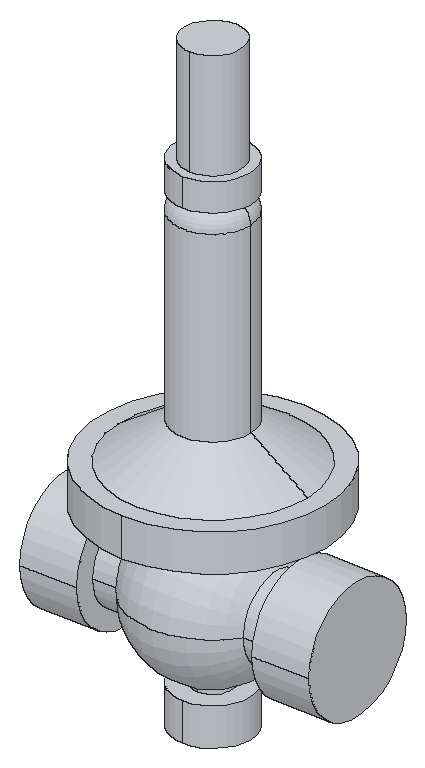
Revit family "b490f257765248a5b2bb3f02b51c7322", category Pipe Accessories, Revit 2021
Family settings
  Round Connector Dimension = Use Radius
  Part Type = Valve - Breaks Into
  OmniClass Number = 23.65.55.14.17
  OmniClass Title = Adjusting/Controlling Valves for Liquid Services
  Seek Item ID = Pressure Regulating Valve - 2-6 Inch - Flanged-0000-USA-ENU
  Work Plane-Based = No
  Always vertical = Yes
  Cut with Voids When Loaded = No
  Shared = No
Parameters (values of type "2"")
  Valve Material = none
  Valve Length = 0' - 7 5/8"
  Radius 5 = if(Body Radius > Ball Radius, Body Radius, Ball Radius)  # 0' - 3"
  Radius 4 = Radius 1 - 0' 0 1/2"  # 0' - 0 1/2"
  Radius 3 = (Body Diameter - 0' 1") / 2  # 0' - 2 1/2"
  Radius 2 = (Diameter 1 - 0' 1") / 2  # 0' - 0 1/2"
  Radius 1 = (Diameter 1) / 2  # 0' - 1"
  Overall Height = 1' - 4 1/4"
  Outside Radius = Outside Diameter / 2  # 0' - 1.1"
  Outside Diameter = 1.1 * Nominal Diameter  # 0' - 2.2"
  Nominal Radius = 1"
  Nominal Diameter = Nominal Radius * 2  # 2"
  Length 1 = 1 / 4 * Valve Length  # 0' - 1 29/32"
  K Coefficient = 77.95
  Height 2 = Overall Height / 3  # 0' - 5.41667"
  Height 1 = 0' - 3 1/8"
  Flange Radius = Flange Diameter / 2  # 0' - 1.6"
  Flange Diameter = 1.6 * Nominal Diameter  # 0' - 3.2"
  Diameter 1 = Nominal Diameter  # 0' - 2"
  Default Elevation = 0' - 0"
  Body Radius = Body Diameter / 2  # 0' - 3"
  Body Diameter = 0' - 6"
  Ball Radius = Nominal Diameter  # 0' - 2"
Types (7): name | Valve Length | Radius 5 | Radius 4 | Radius 3 | Radius 2 | Radius 1 | Overall Height | Outside Radius | Outside Diameter | Nominal Radius | Nominal Diameter | Length 1 | K Coefficient | Height 2 | Height 1 | Flange Radius | Flange Diameter | Diameter 1 | Body Radius | Body Diameter | Ball Radius
  (no name) | 0' - 7 5/8" | 0' - 3" | 0' - 0 1/2" | 0' - 2 1/2" | 0' - 0 1/2" | 0' - 1" | 1' - 4 1/4" | 0' - 1.1" | 0' - 2.2" | 1" | 2" | 0' - 1 29/32" | 77.95 | 0' - 5.41667" | 0' - 3 1/8" | 0' - 1.6" | 0' - 3.2" | 0' - 2" | 0' - 3" | 0' - 6" | 0' - 2"
  2" | 0' - 7 5/8" | 0' - 3" | 0' - 0 1/2" | 0' - 2 1/2" | 0' - 0 1/2" | 0' - 1" | 1' - 4 1/4" | 0' - 1.1" | 0' - 2.2" | 1" | 2" | 0' - 1 29/32" | 77.95 | 0' - 5.41667" | 0' - 3 1/8" | 0' - 1.6" | 0' - 3.2" | 0' - 2" | 0' - 3" | 0' - 6" | 0' - 2"
  2 1/2" | 0' - 10 5/8" | 0' - 3 1/2" | 0' - 0 3/4" | 0' - 3" | 0' - 0 3/4" | 0' - 1 1/4" | 1' - 9 1/2" | 0' - 1 3/8" | 0' - 2 3/4" | 1 1/4" | 2 1/2" | 0' - 2 21/32" | 69.9 | 0' - 7.16667" | 0' - 4 1/16" | 0' - 2" | 0' - 4" | 0' - 2 1/2" | 0' - 3 1/2" | 0' - 7" | 0' - 2 1/2"
  3" | 0' - 10 5/8" | 0' - 3 3/4" | 0' - 1" | 0' - 3 1/4" | 0' - 1" | 0' - 1 1/2" | 1' - 10 9/16" | 0' - 1.65" | 0' - 3.3" | 1 1/2" | 3" | 0' - 2 21/32" | 74.59 | 0' - 7.52083" | 0' - 4 9/16" | 0' - 2.4" | 0' - 4.8" | 0' - 3" | 0' - 3 3/4" | 0' - 7 1/2" | 0' - 3"
  4" | 1' - 0 1/8" | 0' - 4 1/2" | 0' - 1 1/2" | 0' - 4" | 0' - 1 1/2" | 0' - 2" | 2' - 1 1/16" | 0' - 2.2" | 0' - 4.4" | 2" | 4" | 0' - 3 1/32" | 106.31 | 0' - 8.35417" | 0' - 5 1/4" | 0' - 3.2" | 0' - 6.4" | 0' - 4" | 0' - 4 1/2" | 0' - 9" | 0' - 4"
  5" | 1' - 3" | 0' - 5" | 0' - 2" | 0' - 4 1/2" | 0' - 2" | 0' - 2 1/2" | 2' - 9" | 0' - 2 3/4" | 0' - 5 1/2" | 2 1/2" | 5" | 0' - 3 3/4" | 220.17 | 0' - 11" | 0' - 6 1/2" | 0' - 4" | 0' - 8" | 0' - 5" | 0' - 5" | 0' - 10" | 0' - 5"
  6" | 1' - 3 3/4" | 0' - 6" | 0' - 2 1/2" | 0' - 5" | 0' - 2 1/2" | 0' - 3" | 2' - 11 9/16" | 0' - 3.3" | 0' - 6.6" | 3" | 6" | 0' - 3 15/16" | 332.2 | 0' - 11.85417" | 0' - 7 1/2" | 0' - 4.8" | 0' - 9.6" | 0' - 6" | 0' - 5 1/2" | 0' - 11" | 0' - 6"
Reference planes (in)
  plane 1 "Center (Front/Back)": y = 0
  plane 2: z = 0
  plane 3 "Center (Left/Right)": x = 0
  plane 4: x = -3.8125
  plane 5: x = 3.8125
  plane 6: x = -2.3125
  plane 7: x = 2.3125
  plane 8: z = 3.125
  plane 9: z = -3.125
  plane 10: z = 2.125
  plane 11: z = -2.125
  plane 12: z = 4.125
  plane 13: z = 9.54167
  plane 14: z = 10.29167
  plane 15: z = 13.125
Forms (in)
  Sweep 1, solid, material <- "Valve Material", detail levels fine
    path origin (0, 0, 0) x (1, 0, 0) y (0, 1, 0)
      loop
        line (-2.3125, 0) -> (2.3125, 0)
    profile origin (0, 0, 0) x (0, 1, 0) y (0, 0, 1)
      loop
        circle (0, 0) r 1.1
  Sweep 2, solid, material <- "Valve Material", detail levels fine
    path origin (0, 0, 0) x (1, 0, 0) y (0, 1, 0)
      loop
        line (-2.3125, 0) -> (-3.8125, 0)
    profile origin (-3.0625, 0, 0) x (0, -1, 0) y (0, 0, 1)
      loop
        circle (0, 0) r 1.6
  Sweep 3, solid, material <- "Valve Material", detail levels fine
    path origin (0, 0, 0) x (1, 0, 0) y (0, 1, 0)
      loop
        line (2.3125, 0) -> (3.8125, 0)
    profile origin (3.0625, 0, 0) x (0, 1, 0) y (0, 0, 1)
      loop
        circle (0, 0) r 1.6
  Revolve 4, solid, material <- "Valve Material", detail levels fine
    sketch origin (0, 0, 0) x (1, 0, 0) y (0, 1, 0)
      loop
        arc (2, 0) -> (0, 2) -> (-2, 0) r 2
        line (-2, 0) -> (2, 0)
      axis (2, 0) -> (-2, 0)
    angle from 0 to 360
  Sweep 5, solid, material <- "Valve Material", detail levels fine
    path origin (0, 0, 0) x (1, 0, 0) y (0, 0, 1)
      loop
        line (0, 2.125) -> (0, -2.125)
    profile origin (0, 0, 0) x (0, -1, 0) y (1, 0, 0)
      loop
        circle (0, 0) r 0.5
  Sweep 6, solid, material <- "Valve Material", detail levels fine
    path origin (0, 0, 0) x (1, 0, 0) y (0, 0, 1)
      loop
        line (0, -2.125) -> (0, -3.125)
    profile origin (0, 0, -2.625) x (0, -1, 0) y (1, 0, 0)
      loop
        circle (0, 0) r 1
  Sweep 7, solid, material <- "Valve Material", detail levels fine
    path origin (0, 0, 0) x (1, 0, 0) y (0, 0, 1)
      loop
        line (0, 3.125) -> (0, 2.125)
    profile origin (0, 0, 2.625) x (0, -1, 0) y (1, 0, 0)
      loop
        circle (0, 0) r 3
  Blend 8, solid, material <- "Valve Material", detail levels fine
    base sketch origin (0, 0, 0) x (1, 0, 0) y (0, 1, 0)
      loop
        circle (0, 0) r 2.5
    top sketch origin (0, 0, 0) x (1, 0, 0) y (0, 1, 0)
      loop
        circle (0, 0) r 1
    from 3.125 to 4.125
  Revolve 9, solid, material <- "Valve Material", detail levels fine
    sketch origin (0, 0, 0) x (1, 0, 0) y (0, 0, 1)
      loop
        line (0, 4.125) -> (0, 9.54167) -> (-0.5, 9.54167)
        arc (-0.5, 9.54167) -> (-0.85355, 9.39522) -> (-1, 9.04167) r 0.5
        line (-1, 9.04167) -> (-1, 4.125) -> (0, 4.125)
      axis (0, 9.54167) -> (0, 4.125)
    angle from 0 to 360
  Sweep 10, solid, material <- "Valve Material", detail levels fine
    path origin (0, 0, 0) x (1, 0, 0) y (0, 0, 1)
      loop
        line (0, 10.29167) -> (0, 9.54167)
    profile origin (0, 0, 9.91667) x (0, -1, 0) y (1, 0, 0)
      loop
        circle (0, 0) r 1
  Sweep 11, solid, material <- "Valve Material", detail levels fine
    path origin (0, 0, 0) x (1, 0, 0) y (0, 0, 1)
      loop
        line (0, 13.125) -> (0, 10.29167)
    profile origin (0, 0, 11.70833) x (0, -1, 0) y (1, 0, 0)
      loop
        circle (0, 0) r 0.75
Cuts and joins
  joined: Sweep 1, Sweep 2, Sweep 3, Revolve 4, Sweep 5, Sweep 6, Sweep 7, Blend 8, Revolve 9
Lines and regions (in)
  model lines, detail levels coarse+medium
    curve 1: line (-3.8125, 2.20115, 0) -> (-3.8125, -2.20115, 0)
    curve 2: line (3.8125, 2.20115, 0) -> (3.8125, -2.20115, 0)
    curve 3: line (0, 0, 0) -> (-3.8125, 2.20115, 0)
    curve 4: line (0, 0, 0) -> (3.8125, 2.20115, 0)
    curve 5: line (0, 0, 0) -> (3.8125, -2.20115, 0)
    curve 6: line (0, 0, 0) -> (-3.8125, -2.20115, 0)
    curve 7: line (0, 0, 0) -> (0, 3, 0)
    curve 8: line (-2.25, 3, 0) -> (2.25, 3, 0)
    curve 9: line (-2.25, 4, 0) -> (2.25, 4, 0)
Dimensions and locks (in)
  equal spacing: plane 4, plane 3 "Center (Left/Right)", plane 5
  "Valve Length": plane 4 to plane 5
  locked: plane 4 to plane 6 at 1.5
  locked: plane 7 to plane 5 at 1.5
  locked: level to plane 2
  "Height 1": plane 8 to plane 2
  "Height 1": plane 2 to plane 9
  locked: plane 8 to plane 10 at 1
  locked: plane 11 to plane 9 at 1
  locked: plane 12 to plane 8 at 1
  "Height 2": plane 13 to plane 12
  locked: plane 14 to plane 13 at 0.75
  "Overall Height": plane 15 to plane 9
  "Radius 1": Revolve 9 sketch curve to Revolve 9 sketch curve
  equal spacing: curve 1, curve 7, curve 2
  "Radius 5": curve 7 to curve 7
  "Radius 5": plane 1 "Center (Front/Back)" to curve 8
  locked: curve 8 to curve 9 at 1
  equal spacing: curve 8, plane 3 "Center (Left/Right)", curve 8
  equal spacing: curve 9, plane 3 "Center (Left/Right)", curve 9
  locked: curve 9 to plane 3 "Center (Left/Right)" at 2.25
  locked: curve 8 to plane 3 "Center (Left/Right)" at 2.25
  "Outside Radius": radius of Sweep 1 sketch curve
  "Flange Radius": radius of Sweep 2 sketch curve
  "Flange Radius": radius of Sweep 3 sketch curve
  "Ball Radius": radius of Revolve 4 sketch curve
  "Radius 2": radius of Sweep 5 sketch curve
  "Radius 1": radius of Sweep 6 sketch curve
  "Body Radius": radius of Sweep 7 sketch curve
  "Radius 3": radius of Blend 8 sketch curve
  "Radius 1": radius of Blend 8 sketch curve
  radius of Sweep 10 sketch curve = 0' - 1"
  radius of Sweep 11 sketch curve = 0' - 0 3/4"
  angle curve 3 to plane 1 "Center (Front/Back)" to curve 6 = 30.00° locked, 30.00°
  angle curve 5 to plane 1 "Center (Front/Back)" to curve 4 = 30.00° locked, 30.00°
  aligned and locked: plane 6 to Sweep 1 sketch curve
  aligned and locked: plane 7 to Sweep 1 sketch curve
  aligned and locked: plane 1 "Center (Front/Back)" to Sweep 1 sketch curve  (x2)
  aligned and locked: plane 2 to Sweep 1 sketch curve
  aligned and locked: plane 4 to Sweep 2 sketch curve
  aligned and locked: plane 6 to Sweep 2 sketch curve
  aligned and locked: Sweep 2 sketch curve to plane 1 "Center (Front/Back)"
  aligned and locked: plane 2 to Sweep 2 sketch curve
  aligned and locked: plane 1 "Center (Front/Back)" to Sweep 2 sketch curve
  aligned and locked: plane 5 to Sweep 3 sketch curve
  aligned and locked: plane 7 to Sweep 3 sketch curve
  aligned and locked: plane 1 "Center (Front/Back)" to Sweep 3 sketch curve  (x2)
  aligned and locked: profile plane to plane 2
  aligned and locked: plane 1 "Center (Front/Back)" to Revolve 4 sketch curve
  aligned and locked: plane 3 "Center (Left/Right)" to Revolve 4 sketch curve
  aligned and locked: plane 10 to Sweep 5 sketch curve
  aligned and locked: Sweep 5 sketch curve to plane 3 "Center (Left/Right)"
  aligned and locked: plane 11 to Sweep 5 sketch curve
  aligned and locked: plane 1 "Center (Front/Back)" to Sweep 5 sketch curve
  aligned and locked: plane 3 "Center (Left/Right)" to Sweep 5 sketch curve
  aligned and locked: plane 11 to Sweep 6 sketch curve
  aligned and locked: plane 9 to Sweep 6 sketch curve
  aligned and locked: Sweep 6 sketch curve to plane 3 "Center (Left/Right)"
  aligned and locked: plane 3 "Center (Left/Right)" to Sweep 6 sketch curve
  aligned and locked: plane 1 "Center (Front/Back)" to Sweep 6 sketch curve
  aligned and locked: plane 8 to Sweep 7 sketch curve
  aligned and locked: plane 10 to Sweep 7 sketch curve
  aligned and locked: Sweep 7 sketch curve to plane 3 "Center (Left/Right)"
  aligned and locked: plane 1 "Center (Front/Back)" to Sweep 7 sketch curve
  aligned and locked: plane 3 "Center (Left/Right)" to Sweep 7 sketch curve
  aligned and locked: plane 1 "Center (Front/Back)" to Blend 8 sketch curve  (x2)
  aligned and locked: plane 3 "Center (Left/Right)" to Blend 8 sketch curve  (x2)
  aligned and locked: plane 12 to Blend 8
  aligned and locked: Blend 8 to plane 8
  aligned and locked: Revolve 9 sketch curve to plane 3 "Center (Left/Right)"
  aligned and locked: Revolve 9 sketch curve to plane 13
  aligned and locked: plane 12 to Revolve 9 sketch curve
  aligned and locked: plane 14 to Sweep 10 sketch curve
  aligned and locked: plane 13 to Sweep 10 sketch curve
  aligned and locked: Sweep 10 sketch curve to plane 3 "Center (Left/Right)"
  aligned and locked: plane 1 "Center (Front/Back)" to Sweep 10 sketch curve
  aligned and locked: plane 3 "Center (Left/Right)" to Sweep 10 sketch curve
  aligned and locked: plane 15 to Sweep 11 sketch curve
  aligned and locked: plane 14 to Sweep 11 sketch curve
  aligned and locked: Sweep 11 sketch curve to plane 3 "Center (Left/Right)"
  aligned and locked: plane 1 "Center (Front/Back)" to Sweep 11 sketch curve
  aligned and locked: plane 3 "Center (Left/Right)" to Sweep 11 sketch curve
  aligned and locked: curve 2 to plane 5
  aligned and locked: plane 1 "Center (Front/Back)" to curve 6
Automatic sketch dimensions
  Sweep 3 sketch curve to level = 0' - 0"
  Revolve 4 sketch curve to plane 1 "Center (Front/Back)" = 0' - 0"
  Revolve 4 sketch curve to Revolve 4 sketch curve = 3' - 8"  (x2)
  Revolve 9 sketch curve to plane 13 = 0' - 0 1/2"
  Revolve 9 sketch curve to plane 3 "Center (Left/Right)" = 0' - 0"
  Revolve 9 sketch curve to plane 9 = 1' - 4 1/2"
  plane 15 to Revolve 9 sketch curve = 6' - 2.65632"
  curve 1 to plane 4 = 0' - 0"
Connectors (in)
  piping at (-3.8125, 0, 0), diameter 2, driven by "Nominal Radius"
    settings: on Sweep 2, index 1, connector inside diameter 2", connector length 0' - 0", flow factor 0, pipe flow 0 GPM, pressure drop 0.00 psi, fitting loss kfactor 0, connector angle 0.00°, fixture units 0, engagement length 0' - 0", angle of deflection 0.00°, flow configuration 0, flow direction 0, fitting loss method 2, system type 29, joint type 0, gender type 0, connector reference index 2, connector utility 0, adjustable connector no, is connector primary yes, connector description ""
  piping at (3.8125, 0, 0), diameter 2, driven by "K Coefficient", driven by "Nominal Radius"
    settings: on Sweep 3, index 2, connector inside diameter 2", connector length 0' - 0", flow factor 0, pipe flow 0 GPM, pressure drop 0.00 psi, fitting loss kfactor 77.95, connector angle 0.00°, fixture units 0, engagement length 0' - 0", angle of deflection 0.00°, flow configuration 0, flow direction 0, fitting loss method 2, system type 29, joint type 0, gender type 0, connector reference index 1, connector utility 0, adjustable connector no, is connector primary no, connector description ""
